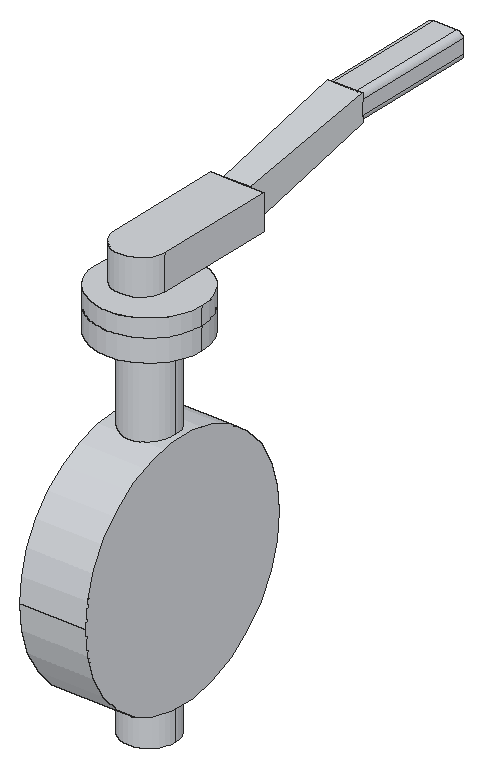
Revit family "HS497-67_disk-litina-s pákou DN150-RFA_2018", category Pipe Accessories, Revit 2018
Family settings
  Round Connector Dimension = Use Diameter
  Part Type = Valve - Breaks Into
  Work Plane-Based = No
  Always vertical = Yes
  Cut with Voids When Loaded = No
  Shared = No
Parameters (values of type "HS 497-67_DN150_PN16_s pákou")
  magiProductId = "4d2835523fe84828bc50ff0a5a0dfb"
  magiProductFamilyId = "53cea81e6f374d17b8841d9c72ad77"
  magiPartTypeId = 305
  isMeasuringValve [instance] = no
  ang2D [instance] = 0.00°
  X11 = 61.456 mm
  X1 = 25.456 mm
  W2D = 1000 mm
  VersionID = "2.0/2017.9.26.1/ZETKAMA_497_001"
  Use Minimum Symbol Size [instance] = yes
  URL = "http://www.hydronix.cz"
  Type Comments = "mezipřírubová; litinový disk; PN16; -10~+110°C (krátkodobě +120°C)"
  SW30 = no
  SW3 = no
  SW21 = no
  SW20 = yes
  SW2 = yes
  SW1 = no
  R = 75 mm
  QmdConnectorList = "301;D;302;D"
  Productdata [instance] = ""
  NC = 50 mm
  Model = ""
  Manufacturer = "Hydronix"  # constant formula
  MM20 = 25.456 mm
  MC Product Code = "120 150 (litinový disk, s pákou; DN150; PN16, kvs1347)"
  M41 = 66 mm
  M4 = 44 mm
  LHL = 315 mm
  LHH3 = 3.75 mm
  LHH1 = 71.25 mm
  LH1 = 105 mm
  L4R__ve = -L4R  # -12.8 mm
  L4R = 12.8 mm
  L42__ve = -L42  # -96 mm
  L42 = 96 mm
  L41__ve = -L41  # -19.2 mm
  L41 = 19.2 mm
  L2D_Min = 3048 mm
  L2D = 216 mm
  L2 = 28 mm
  L1 = 44.8 mm
  L = 56 mm
  H = 33 mm
  G22 = 11.25 mm
  G2 = 22.5 mm
  G1 = 90 mm
  G = 90 mm
  F = 14 mm
  E44 = 31.25 mm
  E42 = 62.5 mm
  E4 = 125 mm
  E23 = 7.5 mm
  E22 = 30 mm
  E21 = 15 mm
  Description = "Mezipřírubová uzavírací klapka s pákou; litinový disk, DN150; PN16; kvs1347"
  DR2 = 75 mm
  DR = 206 mm
  DD1 = 15.625 mm
  DD = 12.5 mm
  D = 150 mm
  CAT0 = yes
  B2__ve = -B2  # -58 mm
  B2 = 58 mm
  A2 = 19.3 mm
  A1 = 98.7 mm
Types (43, lengths in mm): name | magiProductId | X11 | X1 | Type Comments | SW30 | SW3 | SW20 | SW2 | SW1 | R | NC | MM20 | MC Product Code | M41 | M4 | LHL | LHH3 | LHH1 | LH1 | L4R__ve | L4R | L42__ve | L42 | L41__ve | L41 | L2 | L1 | L | H | G | F | E44 | E42 | E4 | E23 | E22 | E21 | Description | DR2 | DR | DD1 | DD | D | B2__ve | B2 | A2 | A1
  HS 497-67_DN100_PN16_volné vřeteno | "65d1b245f4f142c78569c0602d5754" | 61.456 | 25.456 | "mezipřírubová; litinový disk; PN16; -10~+110°C (krátkodobě +120°C)" | no | no | no | no | yes | 50 | 50 | 25.456 | "123 100 (litinový disk, s volným vřetenem; DN100; PN16, kvs512)" | 66 | 44 | 220 | 2.45 | 46.55 | 73.333 | -12.8 | 12.8 | -96 | 96 | -19.2 | 19.2 | 26 | 41.6 | 52 | 30 | 90 | 11 | 31.25 | 62.5 | 125 | 4.9 | 19.6 | 9.8 | "Mezipřírubová uzavírací klapka s volným vřetenem; litinový disk, DN100; PN16; kvs512" | 50 | 147 | 15.625 | 12.5 | 100 | -56 | 56 | 16.5 | 98.5
  HS 497-67_DN100_PN16_převodové kolo | "11e91b807e674d428c8e796fcdcfe2" | 61.456 | 25.456 | "mezipřírubová; litinový disk; PN16; -10~+110°C (krátkodobě +120°C)" | yes | yes | no | no | no | 50 | 50 | 25.456 | "125 100 (litinový disk, s převodovým kolem; DN100; PN16, kvs512)" | 65.25 | 43.5 | 220 | 2.45 | 46.55 | 73.333 | -12.8 | 12.8 | -96 | 96 | -19.2 | 19.2 | 26 | 41.6 | 52 | 30 | 90 | 11 | 31.25 | 62.5 | 125 | 4.9 | 19.6 | 9.8 | "Mezipřírubová uzavírací klapka s převodovým kolem; litinový disk, DN100; PN16; kvs512" | 50 | 147 | 15.625 | 12.5 | 100 | -56 | 56 | 16.5 | 98.5
  HS 497-67_DN100_PN16_s pákou | "28172f0b3f4b47b28323ac71cf8749" | 61.456 | 25.456 | "mezipřírubová; litinový disk; PN16; -10~+110°C (krátkodobě +120°C)" | no | no | yes | yes | no | 50 | 50 | 25.456 | "120 100 (litinový disk, s pákou; DN100; PN16, kvs512)" | 66 | 44 | 260 | 3 | 57 | 86.667 | -12.8 | 12.8 | -96 | 96 | -19.2 | 19.2 | 26 | 41.6 | 52 | 30 | 90 | 11 | 31.25 | 62.5 | 125 | 6 | 24 | 12 | "Mezipřírubová uzavírací klapka s pákou; litinový disk, DN100; PN16; kvs512" | 50 | 147 | 15.625 | 12.5 | 100 | -56 | 56 | 16.5 | 98.5
  HS 497-67_DN125_PN16_volné vřeteno | "0d813d910fc14f628bb3c2efbd185c" | 61.456 | 25.456 | "mezipřírubová; litinový disk; PN16; -10~+110°C (krátkodobě +120°C)" | no | no | no | no | yes | 62.5 | 50 | 25.456 | "123 125 (litinový disk, s volným vřetenem; DN125; PN16, kvs872)" | 66 | 44 | 220 | 2.45 | 46.55 | 73.333 | -12.8 | 12.8 | -96 | 96 | -19.2 | 19.2 | 28 | 44.8 | 56 | 33 | 90 | 14 | 31.25 | 62.5 | 125 | 4.9 | 19.6 | 9.8 | "Mezipřírubová uzavírací klapka s volným vřetenem; litinový disk, DN125; PN16; kvs872" | 62.5 | 180 | 15.625 | 12.5 | 125 | -64 | 64 | 18 | 99.5
  HS 497-67_DN125_PN16_převodové kolo | "c56b7c13f372467684996fb1e0e229" | 61.456 | 25.456 | "mezipřírubová; litinový disk; PN16; -10~+110°C (krátkodobě +120°C)" | yes | yes | no | no | no | 62.5 | 50 | 25.456 | "125 125 (litinový disk, s převodovým kolem; DN125; PN16, kvs872)" | 65.25 | 43.5 | 220 | 2.45 | 46.55 | 73.333 | -13.5 | 13.5 | -101.25 | 101.25 | -20.25 | 20.25 | 28 | 44.8 | 56 | 33 | 90 | 14 | 40 | 80 | 160 | 4.9 | 19.6 | 9.8 | "Mezipřírubová uzavírací klapka s převodovým kolem; litinový disk, DN125; PN16; kvs872" | 62.5 | 180 | 20 | 16 | 125 | -64 | 64 | 18 | 99.5
  HS 497-67_DN125_PN16_s pákou | "105993c79a91492399feef7931321a" | 61.456 | 25.456 | "mezipřírubová; litinový disk; PN16; -10~+110°C (krátkodobě +120°C)" | no | no | yes | yes | no | 62.5 | 50 | 25.456 | "120 125 (litinový disk, s pákou; DN125; PN16, kvs872)" | 66 | 44 | 315 | 3.75 | 71.25 | 105 | -12.8 | 12.8 | -96 | 96 | -19.2 | 19.2 | 28 | 44.8 | 56 | 33 | 90 | 14 | 31.25 | 62.5 | 125 | 7.5 | 30 | 15 | "Mezipřírubová uzavírací klapka s pákou; litinový disk, DN125; PN16; kvs872" | 62.5 | 180 | 15.625 | 12.5 | 125 | -64 | 64 | 18 | 99.5
  HS 497-67_DN150_PN16_volné vřeteno | "50c80cb8ab434f55ab7796e5ac1331" | 61.456 | 25.456 | "mezipřírubová; litinový disk; PN16; -10~+110°C (krátkodobě +120°C)" | no | no | no | no | yes | 75 | 50 | 25.456 | "123 150 (litinový disk, s volným vřetenem; DN150; PN16, kvs1347)" | 66 | 44 | 220 | 2.45 | 46.55 | 73.333 | -12.8 | 12.8 | -96 | 96 | -19.2 | 19.2 | 28 | 44.8 | 56 | 33 | 90 | 14 | 31.25 | 62.5 | 125 | 4.9 | 19.6 | 9.8 | "Mezipřírubová uzavírací klapka s volným vřetenem; litinový disk, DN150; PN16; kvs1347" | 75 | 206 | 15.625 | 12.5 | 150 | -58 | 58 | 19.3 | 98.7
  HS 497-67_DN150_PN16_převodové kolo | "d94a1a0cf83b476eb10011b327f709" | 61.456 | 25.456 | "mezipřírubová; litinový disk; PN16; -10~+110°C (krátkodobě +120°C)" | yes | yes | no | no | no | 75 | 50 | 25.456 | "125 150 (litinový disk, s převodovým kolem; DN150; PN16, kvs1347)" | 65.25 | 43.5 | 220 | 2.45 | 46.55 | 73.333 | -13.5 | 13.5 | -101.25 | 101.25 | -20.25 | 20.25 | 28 | 44.8 | 56 | 33 | 90 | 14 | 40 | 80 | 160 | 4.9 | 19.6 | 9.8 | "Mezipřírubová uzavírací klapka s převodovým kolem; litinový disk, DN150; PN16; kvs1347" | 75 | 206 | 20 | 16 | 150 | -58 | 58 | 19.3 | 98.7
  HS 497-67_DN150_PN16_s pákou | "4d2835523fe84828bc50ff0a5a0dfb" | 61.456 | 25.456 | "mezipřírubová; litinový disk; PN16; -10~+110°C (krátkodobě +120°C)" | no | no | yes | yes | no | 75 | 50 | 25.456 | "120 150 (litinový disk, s pákou; DN150; PN16, kvs1347)" | 66 | 44 | 315 | 3.75 | 71.25 | 105 | -12.8 | 12.8 | -96 | 96 | -19.2 | 19.2 | 28 | 44.8 | 56 | 33 | 90 | 14 | 31.25 | 62.5 | 125 | 7.5 | 30 | 15 | "Mezipřírubová uzavírací klapka s pákou; litinový disk, DN150; PN16; kvs1347" | 75 | 206 | 15.625 | 12.5 | 150 | -58 | 58 | 19.3 | 98.7
  HS 497-67_DN200_PN16_volné vřeteno | "5b29029eaeba47139ee1055a4b9201" | 61.456 | 25.456 | "mezipřírubová; litinový disk; PN16; -10~+110°C (krátkodobě +120°C)" | no | no | no | no | yes | 100 | 50 | 25.456 | "123 200 (litinový disk, s volným vřetenem; DN200; PN16, kvs2675)" | 66 | 44 | 220 | 2.45 | 46.55 | 73.333 | -12.8 | 12.8 | -96 | 96 | -19.2 | 19.2 | 30 | 48 | 60 | 33 | 90 | 17 | 31.25 | 62.5 | 125 | 4.9 | 19.6 | 9.8 | "Mezipřírubová uzavírací klapka s volným vřetenem; litinový disk, DN200; PN16; kvs2675" | 100 | 257 | 15.625 | 12.5 | 200 | -70 | 70 | 22.5 | 102.5
  HS 497-67_DN200_PN16_převodové kolo | "b2793cc1fcc44cf2a35062cd67c04f" | 61.456 | 25.456 | "mezipřírubová; litinový disk; PN16; -10~+110°C (krátkodobě +120°C)" | yes | yes | no | no | no | 100 | 57 | 25.456 | "125 200 (litinový disk, s převodovým kolem; DN200; PN16, kvs2675)" | 78.75 | 52.5 | 220 | 2.45 | 46.55 | 73.333 | -15.2 | 15.2 | -114 | 114 | -22.8 | 22.8 | 30 | 48 | 60 | 33 | 90 | 17 | 50 | 100 | 200 | 4.9 | 19.6 | 9.8 | "Mezipřírubová uzavírací klapka s převodovým kolem; litinový disk, DN200; PN16; kvs2675" | 100 | 257 | 25 | 20 | 200 | -70 | 70 | 22.5 | 102.5
  HS 497-67_DN200_PN16_s pákou | "f88d96c7af224537a51e72d7d8fffe" | 61.456 | 25.456 | "mezipřírubová; litinový disk; PN16; -10~+110°C (krátkodobě +120°C)" | no | no | yes | yes | no | 100 | 50 | 25.456 | "120 200 (litinový disk, s pákou; DN200; PN16, kvs2675)" | 66 | 44 | 315 | 3.75 | 71.25 | 105 | -12.8 | 12.8 | -96 | 96 | -19.2 | 19.2 | 30 | 48 | 60 | 33 | 90 | 17 | 31.25 | 62.5 | 125 | 7.5 | 30 | 15 | "Mezipřírubová uzavírací klapka s pákou; litinový disk, DN200; PN16; kvs2675" | 100 | 257 | 15.625 | 12.5 | 200 | -70 | 70 | 22.5 | 102.5
  HS 497-67_DN250_PN16_volné vřeteno | "b662e8305ca2402b9c510e66e6aa55" | 88.77 | 36.77 | "mezipřírubová; litinový disk; PN16; -10~+110°C (krátkodobě +120°C)" | no | no | no | no | yes | 125 | 50 | 36.77 | "123 250 (litinový disk, s volným vřetenem; DN250; PN16, kvs4555)" | 66 | 44 | 220 | 2.45 | 46.55 | 73.333 | -12.8 | 12.8 | -96 | 96 | -19.2 | 19.2 | 34 | 54.4 | 68 | 23 | 130 | 22 | 31.25 | 62.5 | 125 | 4.9 | 19.6 | 9.8 | "Mezipřírubová uzavírací klapka s volným vřetenem; litinový disk, DN250; PN16; kvs4555" | 125 | 324 | 15.625 | 12.5 | 250 | -85 | 85 | 28.25 | 129.25
  HS 497-67_DN250_PN16_převodové kolo | "5ee9016806664ddfaa2632711f295c" | 88.77 | 36.77 | "mezipřírubová; litinový disk; PN16; -10~+110°C (krátkodobě +120°C)" | yes | yes | no | no | no | 125 | 70 | 36.77 | "125 250 (litinový disk, s převodovým kolem; DN250; PN16, kvs4555)" | 91.5 | 61 | 220 | 2.45 | 46.55 | 73.333 | -22.2 | 22.2 | -166.5 | 166.5 | -33.3 | 33.3 | 34 | 54.4 | 68 | 23 | 130 | 22 | 62.5 | 125 | 250 | 4.9 | 19.6 | 9.8 | "Mezipřírubová uzavírací klapka s převodovým kolem; litinový disk, DN250; PN16; kvs4555" | 125 | 324 | 31.25 | 25 | 250 | -85 | 85 | 28.25 | 129.25
  HS 497-67_DN300_PN16_volné vřeteno | "e1886f51ff004380a649519258edf2" | 88.77 | 36.77 | "mezipřírubová; litinový disk; PN16; -10~+110°C (krátkodobě +120°C)" | no | no | no | no | yes | 150 | 50 | 36.77 | "123 300 (litinový disk, s volným vřetenem; DN300; PN16, kvs7037)" | 66 | 44 | 220 | 2.45 | 46.55 | 73.333 | -12.8 | 12.8 | -96 | 96 | -19.2 | 19.2 | 39 | 62.4 | 78 | 23 | 130 | 22 | 31.25 | 62.5 | 125 | 4.9 | 19.6 | 9.8 | "Mezipřírubová uzavírací klapka s volným vřetenem; litinový disk, DN300; PN16; kvs7037" | 150 | 376 | 15.625 | 12.5 | 300 | -90 | 90 | 30.8 | 127.2
  HS 497-67_DN300_PN16_převodové kolo | "6860f094f77d42088fbebc3c97f755" | 88.77 | 36.77 | "mezipřírubová; litinový disk; PN16; -10~+110°C (krátkodobě +120°C)" | yes | yes | no | no | no | 150 | 70 | 36.77 | "125 300 (litinový disk, s převodovým kolem; DN300; PN16, kvs7037)" | 91.5 | 61 | 220 | 2.45 | 46.55 | 73.333 | -22.2 | 22.2 | -166.5 | 166.5 | -33.3 | 33.3 | 39 | 62.4 | 78 | 23 | 130 | 22 | 62.5 | 125 | 250 | 4.9 | 19.6 | 9.8 | "Mezipřírubová uzavírací klapka s převodovým kolem; litinový disk, DN300; PN16; kvs7037" | 150 | 376 | 31.25 | 25 | 300 | -90 | 90 | 30.8 | 127.2
  HS 497-67_DN032_PN16_volné vřeteno | "8c5f65de52aa4067a77564107e31b2" | 61.456 | 25.456 | "mezipřírubová; litinový disk; PN16; -10~+110°C (krátkodobě +120°C)" | no | no | no | no | yes | 16 | 50 | 25.456 | "123 032 (litinový disk, s volným vřetenem; DN32; PN16, kvs78)" | 66 | 44 | 220 | 2.45 | 46.55 | 73.333 | -12.8 | 12.8 | -96 | 96 | -19.2 | 19.2 | 16.5 | 26.4 | 33 | 30 | 90 | 11 | 31.25 | 62.5 | 125 | 4.9 | 19.6 | 9.8 | "Mezipřírubová uzavírací klapka s volným vřetenem; litinový disk, DN32; PN16; kvs78" | 16 | 68 | 15.625 | 12.5 | 32 | -44.2 | 44.2 | 10.25 | 76.25
  HS 497-67_DN032_PN16_převodové kolo | "60aaeffa8b3a4e809ef000e4660060" | 61.456 | 25.456 | "mezipřírubová; litinový disk; PN16; -10~+110°C (krátkodobě +120°C)" | yes | yes | no | no | no | 16 | 50 | 25.456 | "125 032 (litinový disk, s převodovým kolem; DN32; PN16, kvs78)" | 65.25 | 43.5 | 220 | 2.45 | 46.55 | 73.333 | -12.8 | 12.8 | -96 | 96 | -19.2 | 19.2 | 16.5 | 26.4 | 33 | 30 | 90 | 11 | 31.25 | 62.5 | 125 | 4.9 | 19.6 | 9.8 | "Mezipřírubová uzavírací klapka s převodovým kolem; litinový disk, DN32; PN16; kvs78" | 16 | 68 | 15.625 | 12.5 | 32 | -44.2 | 44.2 | 10.25 | 76.25
  HS 497-67_DN032_PN16_s pákou | "9ad8088d610749a1b871aa2aad8007" | 61.456 | 25.456 | "mezipřírubová; litinový disk; PN16; -10~+110°C (krátkodobě +120°C)" | no | no | yes | yes | no | 16 | 50 | 25.456 | "120 032 (litinový disk, s pákou; DN32; PN16, kvs78)" | 66 | 44 | 220 | 2.45 | 46.55 | 73.333 | -12.8 | 12.8 | -96 | 96 | -19.2 | 19.2 | 16.5 | 26.4 | 33 | 30 | 90 | 11 | 31.25 | 62.5 | 125 | 4.9 | 19.6 | 9.8 | "Mezipřírubová uzavírací klapka s pákou; litinový disk, DN32; PN16; kvs78" | 16 | 68 | 15.625 | 12.5 | 32 | -44.2 | 44.2 | 10.25 | 76.25
  HS 497-67_DN350_PN10_volné vřeteno | "72a1e05f22944421b7e9596a877137" | 109.255 | 45.255 | "mezipřírubová; litinový disk; PN10; -10~+110°C (krátkodobě +120°C)" | no | no | no | no | yes | 175 | 50 | 45.255 | "123 350 (litinový disk, s volným vřetenem; DN350; PN10, kvs10165)" | 66 | 44 | 220 | 2.45 | 46.55 | 73.333 | -12.8 | 12.8 | -96 | 96 | -19.2 | 19.2 | 39 | 62.4 | 78 | 31 | 160 | 22 | 31.25 | 62.5 | 125 | 4.9 | 19.6 | 9.8 | "Mezipřírubová uzavírací klapka s volným vřetenem; litinový disk, DN350; PN10; kvs10165" | 175 | 430 | 15.625 | 12.5 | 350 | -88 | 88 | 33.85 | 129.65
  HS 497-67_DN350_PN10_převodové kolo | "a5a01426cb28494ba3afca92f1dace" | 109.255 | 45.255 | "mezipřírubová; litinový disk; PN10; -10~+110°C (krátkodobě +120°C)" | yes | yes | no | no | no | 175 | 70 | 45.255 | "125 350 (litinový disk, s převodovým kolem; DN350; PN10, kvs10165)" | 91.5 | 61 | 220 | 2.45 | 46.55 | 73.333 | -22.2 | 22.2 | -166.5 | 166.5 | -33.3 | 33.3 | 39 | 62.4 | 78 | 31 | 160 | 22 | 62.5 | 125 | 250 | 4.9 | 19.6 | 9.8 | "Mezipřírubová uzavírací klapka s převodovým kolem; litinový disk, DN350; PN10; kvs10165" | 175 | 430 | 31.25 | 25 | 350 | -88 | 88 | 33.85 | 129.65
  HS 497-67_DN400_PN10_volné vřeteno | "c70ebeb927c04ab99b176e257ad0a7" | 109.255 | 45.255 | "mezipřírubová; litinový disk; PN10; -10~+110°C (krátkodobě +120°C)" | no | no | no | no | yes | 200 | 50 | 45.255 | "123 400 (litinový disk, s volným vřetenem; DN400; PN10, kvs13799)" | 66 | 44 | 220 | 2.45 | 46.55 | 73.333 | -12.8 | 12.8 | -96 | 96 | -19.2 | 19.2 | 51 | 81.6 | 102 | 31 | 160 | 27 | 31.25 | 62.5 | 125 | 4.9 | 19.6 | 9.8 | "Mezipřírubová uzavírací klapka s volným vřetenem; litinový disk, DN400; PN10; kvs13799" | 200 | 485 | 15.625 | 12.5 | 400 | -108 | 108 | 38 | 142
  HS 497-67_DN400_PN10_převodové kolo | "cc64a4384dcb41b780d81810f4f293" | 109.255 | 45.255 | "mezipřírubová; litinový disk; PN10; -10~+110°C (krátkodobě +120°C)" | yes | yes | no | no | no | 200 | 72.5 | 45.255 | "125 400 (litinový disk, s převodovým kolem; DN400; PN10, kvs13799)" | 103.5 | 69 | 220 | 2.45 | 46.55 | 73.333 | -27.8 | 27.8 | -208.5 | 208.5 | -41.7 | 41.7 | 51 | 81.6 | 102 | 31 | 160 | 27 | 75 | 150 | 300 | 4.9 | 19.6 | 9.8 | "Mezipřírubová uzavírací klapka s převodovým kolem; litinový disk, DN400; PN10; kvs13799" | 200 | 485 | 37.5 | 30 | 400 | -108 | 108 | 38 | 142
  HS 497-67_DN040_PN16_volné vřeteno | "35f92312390745e88df5b5c325d9ee" | 61.456 | 25.456 | "mezipřírubová; litinový disk; PN16; -10~+110°C (krátkodobě +120°C)" | no | no | no | no | yes | 20 | 50 | 25.456 | "123 040 (litinový disk, s volným vřetenem; DN40; PN16, kvs78)" | 66 | 44 | 220 | 2.45 | 46.55 | 73.333 | -12.8 | 12.8 | -96 | 96 | -19.2 | 19.2 | 16.5 | 26.4 | 33 | 30 | 90 | 11 | 31.25 | 62.5 | 125 | 4.9 | 19.6 | 9.8 | "Mezipřírubová uzavírací klapka s volným vřetenem; litinový disk, DN40; PN16; kvs78" | 20 | 76 | 15.625 | 12.5 | 40 | -36 | 36 | 11 | 79
  HS 497-67_DN040_PN16_převodové kolo | "d88e968eae3445bc9b7b4e6ff35127" | 61.456 | 25.456 | "mezipřírubová; litinový disk; PN16; -10~+110°C (krátkodobě +120°C)" | yes | yes | no | no | no | 20 | 50 | 25.456 | "125 040 (litinový disk, s převodovým kolem; DN40; PN16, kvs78)" | 65.25 | 43.5 | 220 | 2.45 | 46.55 | 73.333 | -12.8 | 12.8 | -96 | 96 | -19.2 | 19.2 | 16.5 | 26.4 | 33 | 30 | 90 | 11 | 31.25 | 62.5 | 125 | 4.9 | 19.6 | 9.8 | "Mezipřírubová uzavírací klapka s převodovým kolem; litinový disk, DN40; PN16; kvs78" | 20 | 76 | 15.625 | 12.5 | 40 | -36 | 36 | 11 | 79
  HS 497-67_DN040_PN16_s pákou | "c1b522ca65b4407a98818f232eaacb" | 61.456 | 25.456 | "mezipřírubová; litinový disk; PN16; -10~+110°C (krátkodobě +120°C)" | no | no | yes | yes | no | 20 | 50 | 25.456 | "120 040 (litinový disk, s pákou; DN40; PN16, kvs78)" | 66 | 44 | 220 | 2.45 | 46.55 | 73.333 | -12.8 | 12.8 | -96 | 96 | -19.2 | 19.2 | 16.5 | 26.4 | 33 | 30 | 90 | 11 | 31.25 | 62.5 | 125 | 4.9 | 19.6 | 9.8 | "Mezipřírubová uzavírací klapka s pákou; litinový disk, DN40; PN16; kvs78" | 20 | 76 | 15.625 | 12.5 | 40 | -36 | 36 | 11 | 79
  HS 497-67_DN450_PN10_volné vřeteno | "a8358bc282f14872b3194e530e590a" | 129.74 | 53.74 | "mezipřírubová; litinový disk; PN10; -10~+110°C (krátkodobě +120°C)" | no | no | no | no | yes | 225 | 50 | 53.74 | "123 450 (litinový disk, s volným vřetenem; DN450; PN10, kvs18514)" | 66 | 44 | 220 | 2.45 | 46.55 | 73.333 | -12.8 | 12.8 | -96 | 96 | -19.2 | 19.2 | 57 | 91.2 | 114 | 38 | 190 | 36 | 31.25 | 62.5 | 125 | 4.9 | 19.6 | 9.8 | "Mezipřírubová uzavírací klapka s volným vřetenem; litinový disk, DN450; PN10; kvs18514" | 225 | 536 | 15.625 | 12.5 | 450 | -115 | 115 | 38.05 | 117.45
  HS 497-67_DN450_PN10_převodové kolo | "cdf2d80f54a9414f9cbe50647c0ebd" | 129.74 | 53.74 | "mezipřírubová; litinový disk; PN10; -10~+110°C (krátkodobě +120°C)" | yes | yes | no | no | no | 225 | 91.5 | 53.74 | "125 450 (litinový disk, s převodovým kolem; DN450; PN10, kvs18514)" | 144.75 | 96.5 | 220 | 2.45 | 46.55 | 73.333 | -32.1 | 32.1 | -240.75 | 240.75 | -48.15 | 48.15 | 57 | 91.2 | 114 | 38 | 190 | 36 | 100 | 200 | 400 | 4.9 | 19.6 | 9.8 | "Mezipřírubová uzavírací klapka s převodovým kolem; litinový disk, DN450; PN10; kvs18514" | 225 | 536 | 50 | 40 | 450 | -115 | 115 | 38.05 | 117.45
  HS 497-67_DN500_PN10_volné vřeteno | "8c396e27bb2743f98f3c762b6517cd" | 143.397 | 59.397 | "mezipřírubová; litinový disk; PN10; -10~+110°C (krátkodobě +120°C)" | no | no | no | no | yes | 250 | 50 | 59.397 | "123 500 (litinový disk, s volným vřetenem; DN500; PN10, kvs23805)" | 66 | 44 | 220 | 2.45 | 46.55 | 73.333 | -12.8 | 12.8 | -96 | 96 | -19.2 | 19.2 | 63.5 | 101.6 | 127 | 38 | 210 | 36 | 31.25 | 62.5 | 125 | 4.9 | 19.6 | 9.8 | "Mezipřírubová uzavírací klapka s volným vřetenem; litinový disk, DN500; PN10; kvs23805" | 250 | 593 | 15.625 | 12.5 | 500 | -130 | 130 | 43.25 | 139.25
  HS 497-67_DN500_PN10_převodové kolo | "7647804f32e94cef828a7034a91a46" | 143.397 | 59.397 | "mezipřírubová; litinový disk; PN10; -10~+110°C (krátkodobě +120°C)" | yes | yes | no | no | no | 250 | 91.5 | 59.397 | "125 500 (litinový disk, s převodovým kolem; DN500; PN10, kvs23805)" | 144.75 | 96.5 | 220 | 2.45 | 46.55 | 73.333 | -32.1 | 32.1 | -240.75 | 240.75 | -48.15 | 48.15 | 63.5 | 101.6 | 127 | 38 | 210 | 36 | 100 | 200 | 400 | 4.9 | 19.6 | 9.8 | "Mezipřírubová uzavírací klapka s převodovým kolem; litinový disk, DN500; PN10; kvs23805" | 250 | 593 | 50 | 40 | 500 | -130 | 130 | 43.25 | 139.25
  HS 497-67_DN050_PN16_volné vřeteno | "d71f296ecd6d4adf8f6e5d9853b4e0" | 61.456 | 25.456 | "mezipřírubová; litinový disk; PN16; -10~+110°C (krátkodobě +120°C)" | no | no | no | no | yes | 25 | 50 | 25.456 | "123 050 (litinový disk, s volným vřetenem; DN50; PN16, kvs98)" | 66 | 44 | 220 | 2.45 | 46.55 | 73.333 | -12.8 | 12.8 | -96 | 96 | -19.2 | 19.2 | 21.5 | 34.4 | 43 | 30 | 90 | 11 | 31.25 | 62.5 | 125 | 4.9 | 19.6 | 9.8 | "Mezipřírubová uzavírací klapka s volným vřetenem; litinový disk, DN50; PN16; kvs98" | 25 | 100 | 15.625 | 12.5 | 50 | -36.5 | 36.5 | 12 | 83
  HS 497-67_DN050_PN16_převodové kolo | "2fb080deeaed49c58418b94c1da5a4" | 61.456 | 25.456 | "mezipřírubová; litinový disk; PN16; -10~+110°C (krátkodobě +120°C)" | yes | yes | no | no | no | 25 | 50 | 25.456 | "125 050 (litinový disk, s převodovým kolem; DN50; PN16, kvs98)" | 65.25 | 43.5 | 220 | 2.45 | 46.55 | 73.333 | -12.8 | 12.8 | -96 | 96 | -19.2 | 19.2 | 21.5 | 34.4 | 43 | 30 | 90 | 11 | 31.25 | 62.5 | 125 | 4.9 | 19.6 | 9.8 | "Mezipřírubová uzavírací klapka s převodovým kolem; litinový disk, DN50; PN16; kvs98" | 25 | 100 | 15.625 | 12.5 | 50 | -36.5 | 36.5 | 12 | 83
  HS 497-67_DN050_PN16_s pákou | "dabc632061f94877a994b9b4e68112" | 61.456 | 25.456 | "mezipřírubová; litinový disk; PN16; -10~+110°C (krátkodobě +120°C)" | no | no | yes | yes | no | 25 | 50 | 25.456 | "120 050 (litinový disk, s pákou; DN50; PN16, kvs98)" | 66 | 44 | 220 | 2.45 | 46.55 | 73.333 | -12.8 | 12.8 | -96 | 96 | -19.2 | 19.2 | 21.5 | 34.4 | 43 | 30 | 90 | 11 | 31.25 | 62.5 | 125 | 4.9 | 19.6 | 9.8 | "Mezipřírubová uzavírací klapka s pákou; litinový disk, DN50; PN16; kvs98" | 25 | 100 | 15.625 | 12.5 | 50 | -36.5 | 36.5 | 12 | 83
  HS 497-67_DN600_PN10_volné vřeteno | "99d5892c14664fce81a7c5903f7711" | 143.397 | 59.397 | "mezipřírubová; litinový disk; PN10; -10~+110°C (krátkodobě +120°C)" | no | no | no | no | yes | 300 | 50 | 59.397 | "123 600 (litinový disk, s volným vřetenem; DN600; PN10, kvs36778)" | 66 | 44 | 220 | 2.45 | 46.55 | 73.333 | -12.8 | 12.8 | -96 | 96 | -19.2 | 19.2 | 77 | 123.2 | 154 | 80 | 210 | 60 | 31.25 | 62.5 | 125 | 4.9 | 19.6 | 9.8 | "Mezipřírubová uzavírací klapka s volným vřetenem; litinový disk, DN600; PN10; kvs36788" | 300 | 690 | 15.625 | 12.5 | 600 | -140 | 140 | 49.4 | 144.6
  HS 497-67_DN600_PN10_převodové kolo | "b1e26faab48a4c499f6bb11e7e3002" | 143.397 | 59.397 | "mezipřírubová; litinový disk; PN10; -10~+110°C (krátkodobě +120°C)" | yes | yes | no | no | no | 300 | 140 | 59.397 | "125 600 (litinový disk, s převodovým kolem; DN600; PN10, kvs36778)" | 206.25 | 137.5 | 220 | 2.45 | 46.55 | 73.333 | -40.8 | 40.8 | -306 | 306 | -61.2 | 61.2 | 77 | 123.2 | 154 | 80 | 210 | 60 | 125 | 250 | 500 | 4.9 | 19.6 | 9.8 | "Mezipřírubová uzavírací klapka s převodovým kolem; litinový disk, DN600; PN10; kvs36788" | 300 | 690 | 62.5 | 50 | 600 | -140 | 140 | 49.4 | 144.6
  HS 497-67_DN065_PN16_volné vřeteno | "5e5e208646e34ec29f889baab5d08e" | 61.456 | 25.456 | "mezipřírubová; litinový disk; PN16; -10~+110°C (krátkodobě +120°C)" | no | no | no | no | yes | 32.5 | 50 | 25.456 | "123 065 (litinový disk, s volným vřetenem; DN65; PN16, kvs167)" | 66 | 44 | 220 | 2.45 | 46.55 | 73.333 | -12.8 | 12.8 | -96 | 96 | -19.2 | 19.2 | 23 | 36.8 | 46 | 30 | 90 | 11 | 31.25 | 62.5 | 125 | 4.9 | 19.6 | 9.8 | "Mezipřírubová uzavírací klapka s volným vřetenem; litinový disk, DN65; PN16; kv167" | 32.5 | 108 | 15.625 | 12.5 | 65 | -36.5 | 36.5 | 13.5 | 89
  HS 497-67_DN065_PN16_převodové kolo | "654d74c8d15540b0bfe523d988ccb3" | 61.456 | 25.456 | "mezipřírubová; litinový disk; PN16; -10~+110°C (krátkodobě +120°C)" | yes | yes | no | no | no | 32.5 | 50 | 25.456 | "125 065 (litinový disk, s převodovým kolem; DN65; PN16, kvs167)" | 65.25 | 43.5 | 220 | 2.45 | 46.55 | 73.333 | -12.8 | 12.8 | -96 | 96 | -19.2 | 19.2 | 23 | 36.8 | 46 | 30 | 90 | 11 | 31.25 | 62.5 | 125 | 4.9 | 19.6 | 9.8 | "Mezipřírubová uzavírací klapka s převodovým kolem; litinový disk, DN65; PN16; kvs167" | 32.5 | 108 | 15.625 | 12.5 | 65 | -36.5 | 36.5 | 13.5 | 89
  HS 497-67_DN065_PN16_s pákou | "ebeb4b59db0641caaf6d6635ab37b9" | 61.456 | 25.456 | "mezipřírubová; litinový disk; PN16; -10~+110°C (krátkodobě +120°C)" | no | no | yes | yes | no | 32.5 | 50 | 25.456 | "120 065 (litinový disk, s pákou; DN65; PN16, kvs167)" | 66 | 44 | 220 | 2.45 | 46.55 | 73.333 | -12.8 | 12.8 | -96 | 96 | -19.2 | 19.2 | 23 | 36.8 | 46 | 30 | 90 | 11 | 31.25 | 62.5 | 125 | 4.9 | 19.6 | 9.8 | "Mezipřírubová uzavírací klapka s pákou; litinový disk, DN65; PN16; kvs167" | 32.5 | 108 | 15.625 | 12.5 | 65 | -36.5 | 36.5 | 13.5 | 89
  HS 497-67_DN080_PN16_volné vřeteno | "9e85c75c18654e1185a9c48ed6b00e" | 61.456 | 25.456 | "mezipřírubová; litinový disk; PN16; -10~+110°C (krátkodobě +120°C)" | no | no | no | no | yes | 40 | 50 | 25.456 | "123 080 (litinový disk, s volným vřetenem; DN80; PN16, kvs258)" | 66 | 44 | 220 | 2.45 | 46.55 | 73.333 | -12.8 | 12.8 | -96 | 96 | -19.2 | 19.2 | 23 | 36.8 | 46 | 30 | 90 | 11 | 31.25 | 62.5 | 125 | 4.9 | 19.6 | 9.8 | "Mezipřírubová uzavírací klapka s volným vřetenem; litinový disk, DN80; PN16; kvs258" | 40 | 124 | 15.625 | 12.5 | 80 | -54 | 54 | 14.1 | 86.9
  HS 497-67_DN080_PN16_převodové kolo | "5b3c8238c3d041e68c75b199e7ea46" | 61.456 | 25.456 | "mezipřírubová; litinový disk; PN16; -10~+110°C (krátkodobě +120°C)" | yes | yes | no | no | no | 40 | 50 | 25.456 | "125 080 (litinový disk, s převodovým kolem; DN80; PN16, kvs258)" | 65.25 | 43.5 | 220 | 2.45 | 46.55 | 73.333 | -12.8 | 12.8 | -96 | 96 | -19.2 | 19.2 | 23 | 36.8 | 46 | 30 | 90 | 11 | 31.25 | 62.5 | 125 | 4.9 | 19.6 | 9.8 | "Mezipřírubová uzavírací klapka s převodovým kolem; litinový disk, DN80; PN16; kvs258" | 40 | 124 | 15.625 | 12.5 | 80 | -54 | 54 | 14.1 | 86.9
  HS 497-67_DN080_PN16_s pákou | "e414795fab0f4eccb99bc3572c5477" | 61.456 | 25.456 | "mezipřírubová; litinový disk; PN16; -10~+110°C (krátkodobě +120°C)" | no | no | yes | yes | no | 40 | 50 | 25.456 | "120 080 (litinový disk, s pákou; DN80; PN16, kvs258)" | 66 | 44 | 260 | 3 | 57 | 86.667 | -12.8 | 12.8 | -96 | 96 | -19.2 | 19.2 | 23 | 36.8 | 46 | 30 | 90 | 11 | 31.25 | 62.5 | 125 | 6 | 24 | 12 | "Mezipřírubová uzavírací klapka s pákou; litinový disk, DN80; PN16; kvs258" | 40 | 124 | 15.625 | 12.5 | 80 | -54 | 54 | 14.1 | 86.9
  HS 497-67_DN250_PN16_s pákou | "" | 88.77 | 36.77 | "mezipřírubová; litinový disk; PN16; -10~+110°C (krátkodobě +120°C)" | no | no | yes | yes | no | 125 | 70 | 36.77 | "120 250 (litinový disk, s pákou; DN250; PN16, kvs4555)" | 91.5 | 61 | 220 | 2.45 | 46.55 | 73.333 | -22.2 | 22.2 | -166.5 | 166.5 | -33.3 | 33.3 | 34 | 54.4 | 68 | 23 | 130 | 22 | 62.5 | 125 | 250 | 4.9 | 19.6 | 9.8 | "Mezipřírubová uzavírací klapka s pákou; litinový disk, DN250; PN16; kvs4555" | 125 | 324 | 31.25 | 25 | 250 | -85 | 85 | 28.25 | 129.25
  HS 497-67_DN300_PN16_s pákou | "" | 88.77 | 36.77 | "mezipřírubová; litinový disk; PN16; -10~+110°C (krátkodobě +120°C)" | no | no | yes | yes | no | 150 | 70 | 36.77 | "120 300 (litinový disk, s pákou; DN300; PN16, kvs7037)" | 91.5 | 61 | 220 | 2.45 | 46.55 | 73.333 | -22.2 | 22.2 | -166.5 | 166.5 | -33.3 | 33.3 | 39 | 62.4 | 78 | 23 | 130 | 22 | 62.5 | 125 | 250 | 4.9 | 19.6 | 9.8 | "Mezipřírubová uzavírací klapka s pákou; litinový disk, DN300; PN16; kvs7037" | 150 | 376 | 31.25 | 25 | 300 | -90 | 90 | 30.8 | 127.2
Reference planes
  plane 1 "Center (Front/Back)": y = 0
  plane 2 "XYPLANE": z = 0
  plane 3 "Center (Left/Right)": x = 0
  plane 4 "473": x = -25.456
  plane 5 "472": x = -66
  plane 6 "471": y = -25.456
  plane 7 "470": y = 25.456
  plane 8 "469": x = -44
  plane 9 "468": y = -115.2
  plane 10 "467": y = -96
  plane 11 "466": z = 224.25
  plane 12 "465": z = 264.25
  plane 13 "464": y = 208.75
  plane 14 "463": z = 249.25
  plane 15 "462": z = 223
  plane 16 "461": z = 238
  plane 17 "460": y = 103.75
  plane 18 "459": x = -11.25
  plane 19 "458": x = 11.25
  plane 20 "457": y = -6.25
  plane 21 "456": x = -17.5
  plane 22 "455": x = 17.5
  plane 23 "454": z = 245.5
  plane 24 "453": y = 93.75
  plane 25 "452": y = -11.25
  plane 26 "451": x = -22.5
  plane 27 "450": x = 22.5
  plane 28 "449": z = 215.5
  plane 29 "448": z = 208
  plane 30 "447": z = -75
  plane 31 "446": z = 193
  plane 32 "445": z = 173.7
  plane 33 "444": z = 75
  plane 34 "443": x = 28
  plane 35 "442": x = -28
  plane 36 "441": z = 0
  plane 37 "440": y = 0
  plane 38 "439": x = 0
  plane 39 "438": z = 268
  plane 40 "437": z = 245.5
  plane 41 "436": x = 15
  plane 42 "435": x = -15
  plane 43 "434": y = 315
Forms (mm)
  Extrusion 1, solid, visible <- "SW3"
    sketch origin (-750, 0, 193) x (1, 0, 0) y (0, 1, 0)
      loop
        line (684, 25.456) -> (684, -25.456) -> (724.544, -25.456)
        arc (724.544, -25.456) -> (786, 0) -> (724.544, 25.456) r 36
        line (724.544, 25.456) -> (684, 25.456)
    from 0 to 62.5 <- "E42"
  Extrusion 2, solid, visible <- "SW30"
    sketch origin (0, -750, 0) x (0, 1, 0) y (0, 0, 1)
      loop
        circle (750, 224.25) r 7.813
    from 0 to 50 <- "NC"
  Extrusion 3, solid, visible <- "SW30"
    sketch origin (750, -115.2, 0) x (-1, 0, 0) y (0, 0, 1)
      loop
        circle (794, 224.25) r 62.5
    from 0 to -12.8 <- "L4R__ve"
  Extrusion 4, solid, visible <- "SW3"
    sketch origin (750, -96, 0) x (-1, 0, 0) y (0, 0, 1)
      loop
        circle (794, 224.25) r 7.813
    from 0 to -19.2 <- "L41__ve"
  Extrusion 5, solid, visible <- "SW30"
    sketch origin (750, 0, 0) x (-1, 0, 0) y (0, 0, 1)
      loop
        circle (794, 224.25) r 6.25
    from 0 to -96 <- "L42__ve"
  Blend 6, solid, visible <- "SW21"
    base sketch origin (750, 103.75, 0) x (-1, 0, 0) y (0, 0, 1)
      loop
        line (761.25, 238) -> (738.75, 238) -> (738.75, 223) -> (761.25, 223) -> (761.25, 238)
    top sketch origin (750, 103.75, 0) x (-1, 0, 0) y (0, 0, 1)
      loop
        line (761.25, 264.25) -> (738.75, 264.25) -> (738.75, 249.25) -> (761.25, 249.25) -> (761.25, 264.25)
    from 0 to 105
  Blend 7, solid, visible <- "SW21"
    base sketch origin (750, 93.75, 0) x (-1, 0, 0) y (0, 0, 1)
      loop
        line (761.25, 245.5) -> (738.75, 245.5) -> (738.75, 215.5) -> (761.25, 215.5) -> (761.25, 245.5)
    top sketch origin (750, 93.75, 0) x (-1, 0, 0) y (0, 0, 1)
      loop
        line (761.25, 238) -> (738.75, 238) -> (738.75, 223) -> (761.25, 223) -> (761.25, 238)
    from 0 to 10
  Blend 8, solid, visible <- "SW21"
    base sketch origin (-750, 0, 215.5) x (1, 0, 0) y (0, 1, 0)
      loop
        line (772.5, 93.75) -> (727.5, 93.75) -> (727.5, -11.25)
        arc (727.5, -11.25) -> (750, -31.25) -> (772.5, -11.25) r 22.656
        line (772.5, -11.25) -> (772.5, 93.75)
    top sketch origin (-750, 0, 215.5) x (1, 0, 0) y (0, 1, 0)
      loop
        line (767.5, 93.75) -> (732.5, 93.75) -> (732.5, -6.25)
        arc (732.5, -6.25) -> (750, -26.25) -> (767.5, -6.25) r 17.656
        line (767.5, -6.25) -> (767.5, 93.75)
    from 0 to 30
  Extrusion 9, solid, visible <- "SW2"
    sketch origin (-750, 0, 208) x (1, 0, 0) y (0, 1, 0)
      loop
        circle (750, 0) r 11.25
    from 0 to 7.5 <- "E23"
  Extrusion 10, solid, visible <- "SW2"
    sketch origin (-750, 0, 193) x (1, 0, 0) y (0, 1, 0)
      loop
        circle (750, 0) r 45
    from 0 to 15 <- "E21"
  Extrusion 11, solid, visible <- "CAT0"
    sketch origin (-750, 0, -75) x (1, 0, 0) y (0, 1, 0)
      loop
        circle (750, 0) r 22.4
    from 0 to -58 <- "B2__ve"
  Extrusion 12, solid, visible <- "CAT0"
    sketch origin (-750, 0, 173.7) x (1, 0, 0) y (0, 1, 0)
      loop
        circle (750, 0) r 45
    from 0 to 19.3 <- "A2"
  Extrusion 13, solid, visible <- "CAT0"
    sketch origin (-750, 0, 75) x (1, 0, 0) y (0, 1, 0)
      loop
        circle (750, 0) r 22.4
    from 0 to 98.7 <- "A1"
  Extrusion 14, solid, visible <- "CAT0"
    sketch origin (-28, -750, 0) x (0, 1, 0) y (0, 0, 1)
      loop
        circle (750, 0) r 103
    from 0 to 56 <- "L"
  Extrusion 15, solid, visible <- "SW1"
    sketch origin (-750, 0, 193) x (1, 0, 0) y (0, 1, 0)
      loop
        line (757, 7) -> (743, 7) -> (743, -7) -> (757, -7) -> (757, 7)
    from 0 to 33 <- "H"
  Blend 16, solid, visible <- "SW2"
    base sketch origin (750, 208.75, 0) x (-1, 0, 0) y (0, 0, 1)
      loop
        arc (765, 263) -> (763.536, 266.536) -> (760, 268) r 5
        line (760, 268) -> (740, 268)
        arc (740, 268) -> (736.464, 266.536) -> (735, 263) r 5
        line (735, 263) -> (735, 250.5)
        arc (735, 250.5) -> (736.464, 246.964) -> (740, 245.5) r 5
        line (740, 245.5) -> (760, 245.5)
        arc (760, 245.5) -> (763.536, 246.964) -> (765, 250.5) r 5
        line (765, 250.5) -> (765, 263)
    top sketch origin (750, 208.75, 0) x (-1, 0, 0) y (0, 0, 1)
      loop
        arc (765, 263) -> (763.536, 266.536) -> (760, 268) r 5
        line (760, 268) -> (740, 268)
        arc (740, 268) -> (736.464, 266.536) -> (735, 263) r 5
        line (735, 263) -> (735, 250.5)
        arc (735, 250.5) -> (736.464, 246.964) -> (740, 245.5) r 5
        line (740, 245.5) -> (760, 245.5)
        arc (760, 245.5) -> (763.536, 246.964) -> (765, 250.5) r 5
        line (765, 250.5) -> (765, 263)
    from 0 to 106.25
  Blend 17, solid, visible <- "SW20"
    base sketch origin (750, 208.75, 0) x (-1, 0, 0) y (0, 0, 1)
      loop
        line (765, 268) -> (735, 268) -> (735, 245.5) -> (765, 245.5) -> (765, 268)
    top sketch origin (750, 208.75, 0) x (-1, 0, 0) y (0, 0, 1)
      loop
        line (761.25, 245.5) -> (738.75, 245.5) -> (738.75, 215.5) -> (761.25, 215.5) -> (761.25, 245.5)
    from 0 to -115
  Extrusion 18, solid, visible <- "SW20"
    sketch origin (-750, 0, 215.5) x (1, 0, 0) y (0, 1, 0)
      loop
        line (772.5, 93.75) -> (727.5, 93.75) -> (727.5, -11.25)
        arc (727.5, -11.25) -> (750, -31.25) -> (772.5, -11.25) r 22.656
        line (772.5, -11.25) -> (772.5, 93.75)
    from 0 to 30 <- "E22"
  Extrusion 19, solid, not visible
    sketch origin (-28, -750, 0) x (0, 1, 0) y (0, 0, 1)
      loop
        circle (750, 0) r 10
    from 0 to 10
  Extrusion 20, solid, not visible
    sketch origin (28, -750, 0) x (0, 1, 0) y (0, 0, 1)
      loop
        circle (750, 0) r 10
    from 0 to -10
Lines and regions (mm)
  reference lines, not visible
    curve 1: circle (2, 2, 0) r 1 normal (0, 0, 1)
  reference lines
    curve 2: line (-25.456, -25.456, 193) -> (-25.456, 25.456, 193)
    curve 3: line (-17.5, -6.25, 215.5) -> (17.5, -6.25, 215.5)
    curve 4: line (-22.5, -11.25, 215.5) -> (22.5, -11.25, 215.5)
    curve 5: circle (0, 0, 193) r 1 normal (0, 0, 1)
    curve 6: line (-22.5, -11.25, 215.5) -> (22.5, -11.25, 215.5)
Dimensions and locks
  plane 1 "Center (Front/Back)" to curve 1 = 2 mm
  "X1": plane 3 "Center (Left/Right)" to plane 4 "473"
  "M41": plane 3 "Center (Left/Right)" to plane 5 "472"
  "MM20": plane 1 "Center (Front/Back)" to plane 6 "471"
  "MM20": plane 1 "Center (Front/Back)" to plane 7 "470"
  "M4": plane 3 "Center (Left/Right)" to plane 8 "469"
  "L41": plane 10 "467" to plane 9 "468"
  "L42": plane 1 "Center (Front/Back)" to plane 10 "467"
  "E44": plane 31 "446" to plane 11 "466"
  "LHH1": plane 31 "446" to plane 12 "465"
  "LH1": plane 17 "460" to plane 13 "464"
  "E21": plane 12 "465" to plane 14 "463"
  "E21": plane 16 "461" to plane 15 "462"
  "E23": plane 23 "454" to plane 16 "461"
  locked: plane 24 "453" to plane 17 "460" at 10
  "G22": plane 3 "Center (Left/Right)" to plane 18 "459"
  "G22": plane 3 "Center (Left/Right)" to plane 19 "458"
  locked: plane 25 "452" to plane 20 "457" at 5
  locked: plane 26 "451" to plane 21 "456" at 5
  locked: plane 27 "450" to plane 22 "455" at 5
  "E22": plane 28 "449" to plane 23 "454"
  "LH1": plane 25 "452" to plane 24 "453"
  "G22": plane 1 "Center (Front/Back)" to plane 25 "452"
  "G2": plane 3 "Center (Left/Right)" to plane 26 "451"
  "G2": plane 3 "Center (Left/Right)" to plane 27 "450"
  "E23": plane 29 "448" to plane 28 "449"
  "E21": plane 31 "446" to plane 29 "448"
  "R": plane 2 "XYPLANE" to plane 30 "447"
  "A2": plane 32 "445" to plane 31 "446"
  "A1": plane 33 "444" to plane 32 "445"
  "DR2": plane 2 "XYPLANE" to plane 33 "444"
  "L2": plane 3 "Center (Left/Right)" to plane 34 "443"
  "L2": plane 3 "Center (Left/Right)" to plane 35 "442"
  locked: plane 2 "XYPLANE" to plane 36 "441"
  locked: plane 1 "Center (Front/Back)" to plane 37 "440"
  locked: plane 3 "Center (Left/Right)" to plane 38 "439"
  "LHH3": plane 12 "465" to plane 39 "438"
  "LHH3": plane 14 "463" to plane 40 "437"
  "LHH3": plane 19 "458" to plane 41 "436"
  "LHH3": plane 18 "459" to plane 42 "435"
  "LHL": plane 1 "Center (Front/Back)" to plane 43 "434"
  "X11": curve 2 to Extrusion 1 sketch curve
  Extrusion 1 sketch curve to Extrusion 1 sketch curve = 0 mm  (x8)
  Blend 6 sketch curve to Blend 6 sketch curve = 0 mm  (x16)
  Blend 7 sketch curve to Blend 7 sketch curve = 0 mm  (x16)
  Blend 8 sketch curve to Blend 8 sketch curve = 0 mm  (x16)
  equal spacing: Extrusion 15 sketch curve, curve 5, Extrusion 15 sketch curve  (x2)
  "F": Extrusion 15 sketch curve to Extrusion 15 sketch curve  (x2)
  Blend 16 sketch curve to Blend 16 sketch curve = 0 mm  (x32)
  Blend 17 sketch curve to Blend 17 sketch curve = 0 mm  (x16)
  Extrusion 18 sketch curve to Extrusion 18 sketch curve = 0 mm  (x8)
  "DD1": diameter of Extrusion 2 sketch curve
  "E4": diameter of Extrusion 3 sketch curve
  "DD1": diameter of Extrusion 4 sketch curve
  "DD": diameter of Extrusion 5 sketch curve
  "G2": diameter of Extrusion 9 sketch curve
  "G1": diameter of Extrusion 10 sketch curve
  "L1": diameter of Extrusion 11 sketch curve
  "G": diameter of Extrusion 12 sketch curve
  "L1": diameter of Extrusion 13 sketch curve
  "DR": diameter of Extrusion 14 sketch curve
  radius of Blend 16 sketch curve = 5 mm  (x8)
  aligned and locked: level to plane 2 "XYPLANE"
  aligned and locked: Extrusion 1 sketch curve to plane 5 "472"
  aligned and locked: plane 7 "470" to Extrusion 1 sketch curve
  aligned and locked: plane 6 "471" to Extrusion 1 sketch curve
  aligned and locked: plane 5 "472" to Extrusion 1 sketch curve
  aligned and locked: plane 4 "473" to Extrusion 1 sketch curve  (x2)
  aligned and locked: plane 4 "473" to curve 2
  aligned and locked: plane 6 "471" to curve 2
  aligned and locked: plane 7 "470" to curve 2
  aligned and locked: Extrusion 1 sketch curve to plane 7 "470"
  aligned and locked: plane 11 "466" to Extrusion 2 sketch curve
  aligned and locked: plane 37 "440" to Extrusion 2 sketch curve
  aligned and locked: plane 8 "469" to Extrusion 3 sketch curve
  aligned and locked: plane 11 "466" to Extrusion 3 sketch curve
  aligned and locked: plane 8 "469" to Extrusion 4 sketch curve
  aligned and locked: plane 11 "466" to Extrusion 4 sketch curve
  aligned and locked: plane 8 "469" to Extrusion 5 sketch curve
  aligned and locked: plane 11 "466" to Extrusion 5 sketch curve
  aligned and locked: plane 12 "465" to Blend 6 sketch curve  (x2)
  aligned and locked: plane 18 "459" to Blend 6 sketch curve  (x4)
  aligned and locked: plane 19 "458" to Blend 6 sketch curve  (x4)
  aligned and locked: plane 14 "463" to Blend 6 sketch curve  (x2)
  aligned and locked: plane 16 "461" to Blend 6 sketch curve  (x2)
  aligned and locked: plane 15 "462" to Blend 6 sketch curve  (x2)
  aligned and locked: plane 13 "464" to Blend 6
  aligned and locked: plane 16 "461" to Blend 7 sketch curve  (x2)
  aligned and locked: plane 18 "459" to Blend 7 sketch curve  (x4)
  aligned and locked: plane 19 "458" to Blend 7 sketch curve  (x4)
  aligned and locked: plane 15 "462" to Blend 7 sketch curve  (x2)
  aligned and locked: plane 23 "454" to Blend 7 sketch curve  (x2)
  aligned and locked: plane 28 "449" to Blend 7 sketch curve  (x2)
  aligned and locked: plane 17 "460" to Blend 7
  aligned and locked: plane 24 "453" to Blend 8 sketch curve  (x4)
  aligned and locked: plane 22 "455" to Blend 8 sketch curve  (x2)
  aligned and locked: plane 21 "456" to Blend 8 sketch curve
  aligned and locked: plane 20 "457" to Blend 8 sketch curve  (x2)
  aligned and locked: curve 3 to plane 20 "457"
  aligned and locked: plane 21 "456" to curve 3
  aligned and locked: plane 22 "455" to curve 3
  aligned and locked: plane 27 "450" to Blend 8 sketch curve  (x2)
  aligned and locked: plane 26 "451" to Blend 8 sketch curve
  aligned and locked: plane 25 "452" to Blend 8 sketch curve  (x2)
  aligned and locked: curve 4 to plane 25 "452"
  aligned and locked: plane 26 "451" to curve 4
  aligned and locked: plane 27 "450" to curve 4
  aligned and locked: plane 23 "454" to Blend 8
  aligned and locked: plane 37 "440" to Extrusion 9 sketch curve
  aligned and locked: plane 38 "439" to Extrusion 9 sketch curve
  aligned and locked: plane 37 "440" to Extrusion 10 sketch curve
  aligned and locked: plane 38 "439" to Extrusion 10 sketch curve
  aligned and locked: plane 37 "440" to Extrusion 11 sketch curve
  aligned and locked: plane 38 "439" to Extrusion 11 sketch curve
  aligned and locked: plane 37 "440" to Extrusion 12 sketch curve
  aligned and locked: plane 38 "439" to Extrusion 12 sketch curve
  aligned and locked: plane 37 "440" to Extrusion 13 sketch curve
  aligned and locked: plane 38 "439" to Extrusion 13 sketch curve
  aligned and locked: plane 36 "441" to Extrusion 14 sketch curve
  aligned and locked: Extrusion 14 sketch curve to plane 37 "440"
  aligned and locked: plane 37 "440" to curve 5
  aligned and locked: plane 38 "439" to curve 5
  aligned and locked: plane 39 "438" to Blend 16 sketch curve  (x2)
  aligned and locked: plane 41 "436" to Blend 16 sketch curve  (x2)
  aligned and locked: Blend 16 sketch curve to plane 40 "437"  (x2)
  aligned and locked: Blend 16 sketch curve to plane 42 "435"  (x2)
  aligned and locked: plane 43 "434" to Blend 16
  aligned and locked: plane 23 "454" to Blend 17 sketch curve  (x2)
  aligned and locked: plane 18 "459" to Blend 17 sketch curve  (x2)
  aligned and locked: plane 19 "458" to Blend 17 sketch curve  (x2)
  aligned and locked: plane 28 "449" to Blend 17 sketch curve  (x2)
  aligned and locked: plane 39 "438" to Blend 17 sketch curve  (x2)
  aligned and locked: plane 42 "435" to Blend 17 sketch curve  (x2)
  aligned and locked: plane 41 "436" to Blend 17 sketch curve  (x2)
  aligned and locked: plane 40 "437" to Blend 17 sketch curve  (x2)
  aligned and locked: Blend 17 to plane 24 "453"
  aligned and locked: plane 24 "453" to Extrusion 18 sketch curve  (x2)
  aligned and locked: plane 27 "450" to Extrusion 18 sketch curve  (x2)
  aligned and locked: plane 26 "451" to Extrusion 18 sketch curve
  aligned and locked: plane 25 "452" to Extrusion 18 sketch curve  (x2)
  aligned and locked: curve 6 to plane 25 "452"
  aligned and locked: plane 26 "451" to curve 6
  aligned and locked: plane 27 "450" to curve 6
  aligned and locked: plane 36 "441" to Extrusion 19 sketch curve
  aligned and locked: Extrusion 19 sketch curve to plane 37 "440"
  aligned and locked: plane 36 "441" to Extrusion 20 sketch curve
  aligned and locked: Extrusion 20 sketch curve to plane 37 "440"
Automatic sketch dimensions
  Blend 8 sketch curve to plane 20 "457" = 2.344 mm  (x2)
  Extrusion 18 sketch curve to plane 20 "457" = 2.344 mm
  plane 25 "452" to Extrusion 19 sketch curve = 1.25 mm
  plane 25 "452" to Extrusion 20 sketch curve = 1.25 mm
  plane 3 "Center (Left/Right)" to curve 1 = 2 mm
  Extrusion 15 sketch curve to plane 3 "Center (Left/Right)" = 7 mm
  Extrusion 15 sketch curve to plane 20 "457" = 0.75 mm
  radius of curve 5 = 1 mm
  radius of curve 1 = 1 mm
Connectors
  piping at (-28, 0, 0), diameter 150, driven by "D"
    settings: on Extrusion 19, index 1, connector inside diameter 609.6 mm, connector length 0 mm, flow factor 0, pipe flow 0.0 L/s, pressure drop 0.0 Pa, fitting loss kfactor 0, connector angle 0.00°, fixture units 0, engagement length 0 mm, angle of deflection 0.00°, flow configuration 0, flow direction 0, fitting loss method 0, system type 29, joint type 0, gender type 0, connector reference index 2, connector utility 0, adjustable connector no, is connector primary yes, connector description ""
  piping at (28, 0, 0), diameter 150, driven by "D"
    settings: on Extrusion 20, index 2, connector inside diameter 609.6 mm, connector length 0 mm, flow factor 0, pipe flow 0.0 L/s, pressure drop 0.0 Pa, fitting loss kfactor 0, connector angle 0.00°, fixture units 0, engagement length 0 mm, angle of deflection 0.00°, flow configuration 0, flow direction 0, fitting loss method 0, system type 29, joint type 0, gender type 0, connector reference index 1, connector utility 0, adjustable connector no, is connector primary no, connector description ""
